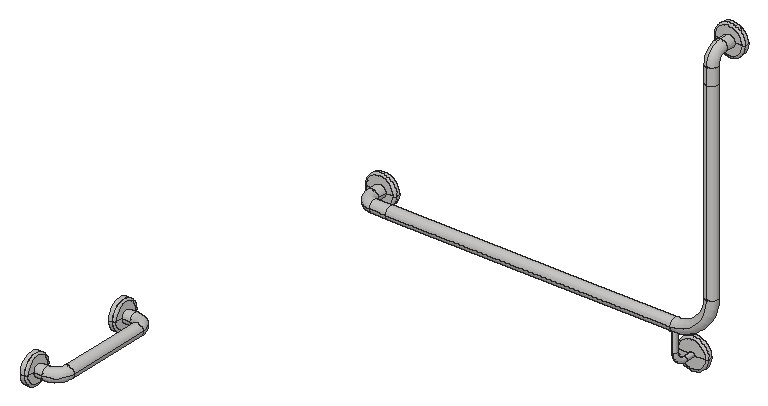
Revit family "RBA4090-300", category Plumbing Fixtures, Revit 2021
Family settings
  Round Connector Dimension = Use Diameter
  Part Type = Normal
  Work Plane-Based = No
  Always vertical = No
  Cut with Voids When Loaded = No
  Shared = No
  Room Calculation Point = No
Parameters (values of type "RBA4090-300")
  Watermarked By = "www.rba.com.au"
  URL = "http://www.rba.com.au/accessible-disabled/grab-rails"
  Phone Number = "1300 788 778"
  OFFSET = 800.00 mm
  Modified Issue = "20190806.01"
  Model = "RBA4090-300"
  Materials and Finishes = Stainless Steel, Satin Finish
  Manufacturer Model = ""
  Manufacturer = "RBA Group"
  Distance Away from Wall [instance] = 100.00 mm
  Distance Away from Toilet [instance] = 1090.00 mm
  Description = "90° WC Grab Rail Set - Left Hand, 300 Straight"
  Default Elevation = 0.00 mm
  Copyrighted by = "RBA Group"  # constant formula
  Assembly Code = ""
Reference planes
  plane 1 "Center (Front/Back)": y = 0
  plane 2: z = 0
  plane 3: x = 40.5
  plane 4: z = 800
  plane 5: z = 1500
  plane 6: x = -59.5
  plane 7: z = 700
  plane 8: x = -909.5
  plane 9: x = -1009.5
  plane 10: y = -57
  plane 11: y = -89
  plane 12: y = -1090
  plane 13: y = -1074
  plane 14: x = -952.5
  plane 15: x = -920.5
  plane 16: z = 816
  plane 17: x = 24.5
Dimensions and locks
  "OFFSET": plane 4 to plane 2
  locked: plane 10 to plane 1 "Center (Front/Back)" at 57
  locked: plane 1 "Center (Front/Back)" to plane 11 at 89
  "Distance Away from Wall": plane 9 to plane 8
  locked: plane 13 to plane 12 at 16
  "Distance Away from Toilet": plane 1 "Center (Front/Back)" to plane 12
  aligned and locked: plane 3 to nested 1
  aligned and locked: plane 4 to nested 1
  aligned and locked: nested 2 to plane 9
  aligned and locked: plane 13 to nested 2
  aligned and locked: nested 2 to plane 4
Nested families
  nested 1: "RBA4090-901" at (-950, 0, 800), type "RBA4090-901"
  nested 2: "RBA4000-000" at (-1009.5, -2152, 800) x (0, 1, 0) z (0, 0, 1), type "RBA4000-030"
Definition of nested family "RBA4090-901"
  Parameters (values of type "RBA4090-901")
    Watermarked By = "www.rba.com.au"
    URL = "http://www.rba.com.au/accessible-disabled/grab-rails"
    R_Void [instance] = 15.00 mm
    R [instance] = 0.00 mm
    Phone Number = "1300 788 778"
    Model = "RBA4090-901"
    Manufacturer Model = "B819436"
    Manufacturer = "Bobrick"
    Description = "90° Angled Grab Rails"
    Default Elevation = 0.00 mm
    Copyrighted by = "RBA Group"  # constant formula
    BAR = none
    Assembly Code = ""
  Reference planes
    plane 1 "Center (Front/Back)": y = 0
    plane 2: z = 0
    plane 3: x = 40.5
    plane 4: z = -30
    plane 5: z = 30
    plane 6: x = 70.5
    plane 7: x = 10.5
    plane 8: x = 990.5
    plane 9: x = 515.5
    plane 10: z = 670
    plane 11: z = 730
    plane 12: x = 960.5
    plane 13: x = 1020.5
    plane 14: z = 700
    plane 15: z = -130
    plane 16: z = -70
    plane 17: x = 920.5
    plane 18: x = 860.5
    plane 19: x = 890.5
    plane 20: z = -100
  Forms (mm)
    Extrusion 1, solid
      sketch origin (40.5, -2.628, 315.907) x (0, 0, -1) y (-1, 0, 0)
        loop
          circle (315.907, 0) r 40
      from -0.219 to 2.628
    Revolve 2, solid
      sketch origin (40.5, 18.663, 0) x (0, -1, 0) y (1, 0, 0)
        loop
          line (18.663, 0) -> (18.663, -41.5) -> (27.844, -41.5)
          arc (27.844, -41.5) -> (31.337, -40.077) -> (32.842, -36.617) r 5
          line (32.842, -36.617) -> (33.701, 0) -> (18.663, 0)
        axis (18.663, 0) -> (33.701, 0)
      angle from 0 to 360
    Extrusion 3, void
      sketch origin (40.5, 34.941, 315.907) x (0, 0, -1) y (-1, 0, 0)
        loop
          circle (315.907, -30) r 5
        loop
          circle (315.907, 30) r 5
      from -37.788 to -30
    Sweep 4, solid
      path origin (40.5, 9.454, 0) x (0, -1, 0) y (-1, 0, 0)
        loop
          line (12.302, 0) -> (50.454, 0)
          arc (50.454, 0) -> (73.082, -9.373) -> (82.454, -32) r 32
          line (82.454, -32) -> (82.454, -76)
      profile origin (40.5, -21.924, 0) x (1, 0, 0) y (0, 0, 1)
        loop
          circle (0, 0) r 16
    Extrusion 5, solid
      sketch origin (990.5, -2.628, 1015.907) x (0, 0, -1) y (-1, 0, 0)
        loop
          circle (315.907, 0) r 40
      from -0.219 to 2.628
    Extrusion 6, void
      sketch origin (990.5, 34.941, 1015.907) x (0, 0, -1) y (-1, 0, 0)
        loop
          circle (315.907, 30) r 5
        loop
          circle (315.907, -30) r 5
      from -37.788 to -30
    Sweep 7, solid
      path origin (1690.5, 9.454, 700) x (0, -1, 0) y (0, 0, 1)
        loop
          line (12.302, 0) -> (50.454, 0)
          arc (50.454, 0) -> (73.082, -9.373) -> (82.454, -32) r 32
          line (82.454, -32) -> (82.454, -76)
      profile origin (1690.5, -21.924, 700) x (0, 0, 1) y (-1, 0, 0)
        loop
          circle (0, 700) r 16
    Revolve 8, solid
      sketch origin (990.5, 18.663, 700) x (0, -1, 0) y (1, 0, 0)
        loop
          line (18.663, 0) -> (33.701, 0) -> (32.842, 36.617)
          arc (32.842, 36.617) -> (31.337, 40.077) -> (27.844, 41.5) r 5
          line (27.844, 41.5) -> (18.663, 41.5) -> (18.663, 0)
        axis (18.663, 0) -> (33.701, 0)
      angle from 0 to 360
    Sweep 9, solid
      path origin (0, 0, 0) x (1, 0, 0) y (0, 0, 1)
        loop
          line (116.5, 0) -> (890.5, 0)
          arc (890.5, 0) -> (961.211, 29.289) -> (990.5, 100) r 100
          line (990.5, 100) -> (990.5, 624)
      profile origin (503.5, 0, 0) x (0, 0, 1) y (0, -1, 0)
        loop
          circle (0, 73) r 16
    Extrusion 10, solid
      sketch origin (890.5, -2.628, 215.907) x (0, 0, -1) y (-1, 0, 0)
        loop
          circle (315.907, 0) r 40
      from -0.219 to 2.628
    Revolve 11, solid
      sketch origin (890.5, 18.663, -100) x (0, -1, 0) y (1, 0, 0)
        loop
          line (18.663, 0) -> (18.663, -41.5) -> (27.844, -41.5)
          arc (27.844, -41.5) -> (31.337, -40.077) -> (32.842, -36.617) r 5
          line (32.842, -36.617) -> (33.701, 0) -> (18.663, 0)
        axis (18.663, 0) -> (33.701, 0)
      angle from 0 to 360
    Sweep 12, solid
      path origin (890.5, 9.454, -100) x (0, -1, 0) y (0, 0, -1)
        loop
          line (12.302, 0) -> (50.454, 0)
          arc (50.454, 0) -> (73.082, -9.373) -> (82.454, -32) r 32
          line (82.454, -32) -> (82.454, -100)
      profile origin (890.5, -21.924, -100) x (0, 0, -1) y (1, 0, 0)
        loop
          circle (0, 0) r 6
    Extrusion 13, void
      sketch origin (890.5, 34.941, 215.907) x (0, 0, -1) y (-1, 0, 0)
        loop
          circle (315.907, -30) r 5
        loop
          circle (315.907, 30) r 5
      from -37.788 to -30
  Cuts and joins
    Extrusion 3, Extrusion 6, Extrusion 13 cuts Extrusion 1
    Extrusion 3, Extrusion 6, Extrusion 13 cuts Revolve 2
    Extrusion 13 cuts Sweep 4
    Extrusion 6 cuts Revolve 8
    Extrusion 13 cuts Revolve 11
    joined: Revolve 2, Sweep 4, Sweep 7, Revolve 8, Sweep 9, Revolve 11, Sweep 12
    Extrusion 6 cuts Extrusion 5
    Extrusion 13 cuts Extrusion 10
  Dimensions and locks
    Revolve 2 sketch curve to Revolve 2 sketch curve = 41.50 mm
    plane 5 to level to plane 4 = 30.00 mm, 30.00 mm
    plane 7 to plane 6 = 60.00 mm
    plane 11 to plane 10 = 60.00 mm
    plane 12 to plane 13 = 60.00 mm
    Revolve 8 sketch curve to Revolve 8 sketch curve = 41.50 mm
    Revolve 11 sketch curve to Revolve 11 sketch curve = 41.50 mm
    plane 16 to plane 15 = 60.00 mm
    plane 18 to plane 17 = 60.00 mm
    level to plane 20 = 100.00 mm
    plane 14 to level = 700.00 mm
    plane 8 to plane 19 = 100.00 mm
    plane 8 to plane 3 = 950.00 mm
    radius of Extrusion 1 sketch curve = 40.00 mm
    radius of Sweep 4 sketch curve = 16.00 mm
    radius of Extrusion 5 sketch curve = 40.00 mm
    radius of Sweep 7 sketch curve = 16.00 mm
    radius of Extrusion 10 sketch curve = 40.00 mm
    radius of Sweep 12 sketch curve = 6.00 mm
    aligned and locked: Revolve 2 to Extrusion 1
    aligned and locked: Revolve 11 to Extrusion 10
Definition of nested family "RBA4000-000"
  Parameters (values of type "RBA4000-030")
    Watermarked By = "www.rba.com.au"
    URL = "http://www.rba.com.au/accessible-disabled/grab-rails"
    Length of Rail = 300.00 mm
    Phone Number = "1300 788 778"
    Model = "RBA4110-923"
    Manufacturer = "RBA GROUP"
    Description = "90deg Angled Shower Grab Rail"
    Default Elevation = 1219.20 mm
    Copyrighted By = "RBA Group"  # constant formula
    BAR = none
    Assembly Code = ""
  Reference planes
    plane 1 "Center (Front/Back)": y = 0
    plane 2: x = 1078
    plane 3: x = 1378
    plane 4: z = 0
    plane 5: through (1334.776, 25.441, -51.059) normal (-0.515, 0, 0.8572)
    plane 6: through (1450.22, 25.441, 99.629) normal (0.8572, 0, 0.515)
    plane 7: through (1403.075, 25.441, 71.301) normal (0.8572, 0, 0.515)
    plane 8: y = -89
    plane 9: y = -57
  Forms (mm)
    Sweep 1, solid
      path origin (1651.954, -750, 0) x (-1, 0, 0) y (0, -1, 0)
        loop
          line (573.954, -740) -> (573.954, -709)
          arc (573.954, -709) -> (564.582, -686.373) -> (541.954, -677) r 32
          line (541.954, -677) -> (305.954, -677)
          arc (305.954, -677) -> (283.327, -686.373) -> (273.954, -709) r 32
          line (273.954, -709) -> (273.954, -740)
      profile origin (1228, -73, 0) x (0, 1, 0) y (0, 0, 1)
        loop
          circle (0, 0) r 16
    Extrusion 2, solid
      sketch origin (640.5, -2.628, 315.907) x (0, 0, -1) y (-1, 0, 0)
        loop
          circle (315.907, -437.5) r 37.5
      from -7.372 to 2.628
    Extrusion 3, void
      sketch origin (215.296, 34.941, 270.785) x (0.515038, 0, -0.857167) y (-0.857167, 0, -0.515038)
        loop
          circle (674.422, -627.443) r 5
        loop
          circle (676.434, -572.517) r 5
      from -46.533 to -34.941
    Extrusion 4, solid
      sketch origin (1315.5, -2.628, 315.907) x (0, 0, -1) y (-1, 0, 0)
        loop
          circle (315.907, -62.5) r 37.5
      from -7.372 to 2.628
    Revolve 5, solid
      sketch origin (1315.5, 18.663, 0) x (0, -1, 0) y (1, 0, 0)
        loop
          line (18.663, 62.5) -> (36.046, 62.5) -> (35.246, 96.617)
          arc (35.246, 96.617) -> (33.742, 100.077) -> (30.248, 101.5) r 5
          line (30.248, 101.5) -> (18.663, 101.5) -> (18.663, 62.5)
        axis (18.663, 62.5) -> (36.046, 62.5)
      angle from 0 to 360
    Extrusion 6, void
      sketch origin (1315.296, 34.941, 270.785) x (0.515038, 0, -0.857167) y (-0.857167, 0, -0.515038)
        loop
          circle (264.403, 58.217) r 5
        loop
          circle (264.403, 113.217) r 5
      from -44.941 to -34.941
    Extrusion 7, void
      sketch origin (978, 0, 1415.907) x (0, 0, 1) y (-1, 0, 0)
        loop
          circle (-1430.457, -424.215) r 5
        loop
          circle (-1401.357, -375.785) r 5
        loop
          circle (-1444.157, -400) r 5
      from 0 to 5
    Extrusion 8, void
      sketch origin (815.5, 0, 1415.907) x (0, 0, 1) y (-1, 0, 0)
        loop
          circle (-1430.457, -286.715) r 5
        loop
          circle (-1444.157, -262.5) r 5
        loop
          circle (-1401.357, -238.285) r 5
      from 0 to 5
    Revolve 9, solid
      sketch origin (1140.5, 18.663, 0) x (0, -1, 0) y (1, 0, 0)
        loop
          line (18.663, -62.5) -> (18.663, -101.5) -> (30.248, -101.5)
          arc (30.248, -101.5) -> (33.742, -100.077) -> (35.246, -96.617) r 5
          line (35.246, -96.617) -> (36.046, -62.5) -> (18.663, -62.5)
        axis (18.663, -62.5) -> (36.046, -62.5)
      angle from 0 to 360
  Cuts and joins
    Extrusion 3, Extrusion 8 cuts Extrusion 2
    Extrusion 6, Extrusion 7 cuts Extrusion 4
    Extrusion 6, Extrusion 7 cuts Revolve 5
    Extrusion 3, Extrusion 8 cuts Revolve 9
    joined: Sweep 1, Revolve 5, Revolve 9
  Dimensions and locks
    locked: Revolve 5 sketch curve to Revolve 5 sketch curve at 39
    plane 7 to plane 6 = 55.00 mm
    locked: plane 3 to Extrusion 4 sketch curve
    locked: Extrusion 4 sketch curve to plane 4
    locked: Extrusion 7 sketch curve to plane 3 at 24.215
    locked: Extrusion 7 sketch curve to plane 4 at 14.55
    locked: plane 3 to Extrusion 6 sketch curve at 23.572
    locked: Extrusion 6 sketch curve to plane 4 at 14.164
    plane 1 "Center (Front/Back)" to Revolve 5 sketch curve = 17.383 mm
    locked: Extrusion 2 sketch curve to plane 2
    locked: Extrusion 2 sketch curve to plane 4 at 0
    locked: plane 2 to Extrusion 8 sketch curve at 24.215
    locked: plane 4 to Extrusion 8 sketch curve at 14.55
    locked: Extrusion 7 sketch curve to plane 3 at 0
    locked: plane 3 to Extrusion 7 sketch curve at 24.215
    locked: Extrusion 7 sketch curve to plane 4 at 28.25
    locked: plane 4 to Extrusion 7 sketch curve at 14.55
    locked: plane 4 to Extrusion 6 sketch curve at 14.164
    locked: Extrusion 6 sketch curve to plane 3 at 23.572
    locked: Revolve 5 sketch curve to plane 3 at 34.117
    plane 1 "Center (Front/Back)" to Revolve 5 sketch curve = 16.583 mm
    locked: plane 1 "Center (Front/Back)" to cut or joined group of Sweep 1, Extrusion 3, Revolve 5, Extrusion 6, Extrusion 7, Extrusion 8, Revolve 9 at 0
    locked: plane 1 "Center (Front/Back)" to plane 9 at 57
    locked: plane 1 "Center (Front/Back)" to plane 8 at 89
    locked: level to Sweep 1 sketch curve at 0
    equal spacing: plane 9, profile plane, plane 8
    equal spacing: plane 8, Sweep 1 sketch curve, plane 9
    "Length of Rail": plane 3 to plane 2
    locked: Revolve 9 sketch curve to Revolve 9 sketch curve at 39
    radius of Sweep 1 sketch curve = 16.00 mm
    aligned and locked: Extrusion 4 to Revolve 5
    aligned and locked: Extrusion 2 to Extrusion 3
    aligned and locked: Extrusion 4 to Extrusion 6
    aligned and locked: plane 3 to Sweep 1 sketch curve
    aligned and locked: cut or joined group of Extrusion 4, Extrusion 6, Extrusion 7 to Sweep 1 sketch curve
  Automatic sketch dimensions
    Sweep 1 sketch curve to plane 2 = 0.00 mm
    Sweep 1 sketch curve to plane 9 = 16.00 mm
    plane 2 to Sweep 1 sketch curve = 32.00 mm
    plane 1 "Center (Front/Back)" to Sweep 1 sketch curve = 10.00 mm
    Sweep 1 sketch curve to profile plane = 0.00 mm
    level to Extrusion 3 sketch curve = 15.85 mm
    plane 2 to Extrusion 3 sketch curve = 22.473 mm
    Extrusion 3 sketch curve to Extrusion 3 sketch curve = 2.012 mm
    Extrusion 3 sketch curve to Extrusion 3 sketch curve = 54.926 mm
    Revolve 5 sketch curve to plane 3 = 0.00 mm  (x2)
    plane 1 "Center (Front/Back)" to Revolve 5 sketch curve = 0.00 mm
    Revolve 5 sketch curve to Revolve 5 sketch curve = 4.999 mm
    Revolve 5 sketch curve to plane 1 "Center (Front/Back)" = 21.537 mm
    Revolve 5 sketch curve to plane 9 = 13.537 mm
    Extrusion 8 sketch curve to plane 2 = 0.00 mm
    Extrusion 8 sketch curve to level = 14.55 mm
    Extrusion 8 sketch curve to Extrusion 8 sketch curve = 13.70 mm
    plane 2 to Extrusion 8 sketch curve = 24.215 mm
    plane 1 "Center (Front/Back)" to Revolve 9 sketch curve = 0.00 mm
    plane 1 "Center (Front/Back)" to Revolve 9 sketch curve = 11.585 mm
    Revolve 9 sketch curve to Revolve 9 sketch curve = 4.999 mm
    plane 2 to Revolve 9 sketch curve = 0.00 mm
    Revolve 9 sketch curve to Revolve 9 sketch curve = 17.383 mm
    Revolve 9 sketch curve to plane 2 = 34.00 mm
    Revolve 9 sketch curve to Revolve 9 sketch curve = 0.117 mm
    Revolve 9 sketch curve to plane 1 "Center (Front/Back)" = 21.537 mm
    Revolve 9 sketch curve to plane 9 = 13.537 mm
    radius of Extrusion 2 sketch curve = 37.50 mm
    radius of Extrusion 3 sketch curve = 5.00 mm  (x2)
    radius of Extrusion 4 sketch curve = 37.50 mm
    radius of Extrusion 6 sketch curve = 5.00 mm  (x2)
    radius of Extrusion 7 sketch curve = 5.00 mm  (x3)
    radius of Extrusion 8 sketch curve = 5.00 mm  (x3)
  Nested families
    nested 1: "FamilyID" at (1.5, 0, 0), type "FamilyID"
  Definition of nested family "FamilyID"
    Reference planes
      plane 1: y = 0
      plane 2: x = 0
    Text (mm)
      text "RBA COPYRIGHT" at (0.001, 0.001, 0)
